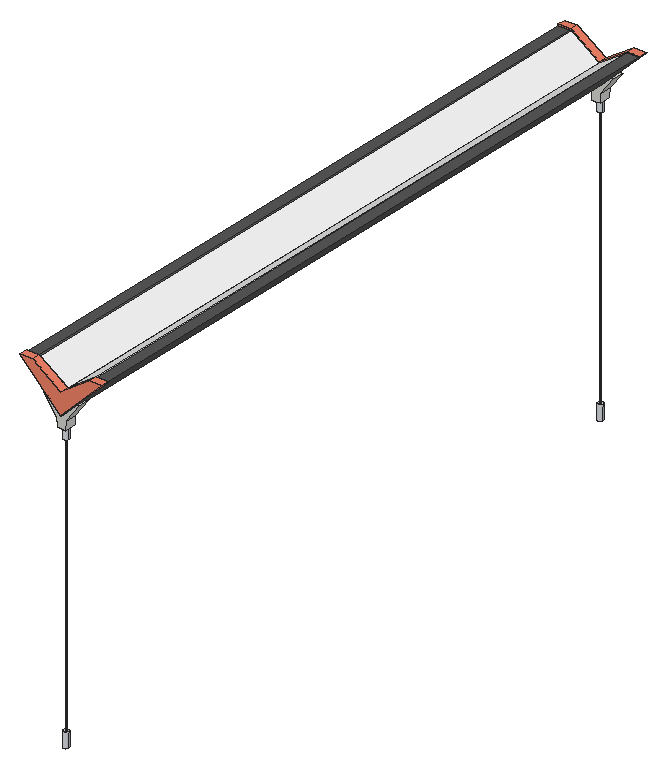
Revit family "AX.5-P-D", category Lighting Fixtures, host Face, Revit 2018
Family settings
  Host = Face
  Round Connector Dimension = Use Diameter
  Part Type = Normal
  Cut with Voids When Loaded = No
  Light Source = Yes
  Shared = Yes
  Room Calculation Point = Yes
Parameters (values of type "4' Direct")
  Wattage = 18.8235 W
  built-in parameter 1150110 = 1 (stored number, unit not read)
  Voltage = 0 V
  Type Comments = "LUX ILLUMINAIRE"
  built-in parameter 1114217 = 1 (stored number, unit not read)
  Tilt Angle = 90.00°
  built-in parameter 1150109 = 1 (stored number, unit not read)
  built-in parameter 1150134 = 12
  Switch Leg Visibility = no
  Switch Leg [instance] = ""
  Suspension Length [instance] = 2' - 0"
  built-in parameter 1150113 = 1 (stored number, unit not read)
  Photometric Web File = "AX.5_P_D_400_40K8.ies"
  Material - End Cap [instance] = LUX ILLUMINAIRE Orange
  Material - Cleat [instance] = LUX ILLUMINAIRE Silver
  Material - Body [instance] = LUX ILLUMINAIRE Black
  Manufacturer = ""
  built-in parameter 1150105 = 127.32 (stored number, unit not read)
  Lumens = 1600 lm
  built-in parameter 1150115 = 1 (stored number, unit not read)
  built-in parameter 1150137 = (empty or 0)
  built-in parameter 1150139 = (empty or 0)
  built-in parameter 1150112 = 1 (stored number, unit not read)
  built-in parameter 1150114 = 1 (stored number, unit not read)
  Lamp = "LED"
  built-in parameter 1150132 = 2
  built-in parameter 1150102 = (empty or 0)
  built-in parameter 1150107 = 4000 (stored number, unit not read)
  built-in parameter 1150138 = (empty or 0)
  built-in parameter 1150106 = 1.2732 (stored number, unit not read)
  Fixture Width = 0' - 5 143/256"  # constant formula
  Fixture Symbol Visiblity = yes
  Fixture Length = 4' - 0"
  Emit from Rectangle Width = 0' - 2 1/2"  # constant formula
  Emit from Rectangle Length = Fixture Length  # 4' - 0"
  Emit Shape Visible in Rendering = no
  Emergency Lighting [instance] = no
  built-in parameter 1150104 = 7.8968 (stored number, unit not read)
  Dimming Lamp Color Temperature Shift = <None>
  Default Elevation = 4' - 0"
  Color Filter = 16777215
  built-in parameter 1140040 [instance] = 1
  built-in parameter 1114218 = 1 (stored number, unit not read)
  built-in parameter 1150133 = 10 (stored number, unit not read)
  Apparent Load = 14 VA
Types (3): name | Wattage | Type Comments | Manufacturer | built-in parameter 1150105 | Lumens | built-in parameter 1150106 | Fixture Length | Emit from Rectangle Length | Apparent Load
  4' Direct | 18.8235 W | "LUX ILLUMINAIRE" | "" | 127.32 (stored number, unit not read) | 1600 lm | 1.2732 (stored number, unit not read) | 4' - 0" | 4' - 0" | 14 VA
  6' Direct | 28.2353 W | 0' - 0" | "LUX ILLUMINAIRE" | 190.99 (stored number, unit not read) | 2400 lm | 1.9099 (stored number, unit not read) | 6' - 0" | 6' - 0" | 21 VA
  8' Direct | 37.6471 W | 0' - 0" | "LUX ILLUMINAIRE" | 254.65 (stored number, unit not read) | 3200 lm | 2.5465 (stored number, unit not read) | 8' - 0" | 8' - 0" | 28 VA
Reference planes (in)
  plane 1 "Center (Front/Back)": y = 0
  plane 2: z = 0
  plane 3 "Center (Left/Right)": x = 0
  plane 4: x = 2.7793
  plane 5: x = -2.7793
  plane 6: y = 24
  plane 7: y = -24
  plane 8: z = 24
  plane 9: y = 24.25
  plane 10: y = -24.25
  plane 11: z = 1
  plane 12: z = 20.30782
  plane 13: z = 19.55782
Forms (in)
  Extrusion 1, solid
    sketch origin (0, 0.375, 0) x (1, 0, 0) y (0, 1, 0)
      loop
        circle (0.00029, -24) r 0.1875
    from 0 to 1
  Extrusion 2, solid
    sketch origin (0, 0.375, 0) x (1, 0, 0) y (0, 1, 0)
      loop
        circle (0.0005, -24) r 0.03125
    from 1 to 19.55782
  Extrusion 3, solid
    sketch origin (0, 0.375, 0) x (1, 0, 0) y (0, 1, 0)
      loop
        circle (0.0005, -24) r 0.18729
    from 19.55782 to 20.30782
  Extrusion 4, solid, not visible
    sketch origin (0, 0, 0) x (1, 0, 0) y (0, 1, 0)
      loop
        circle (0.00029, -24) r 0.1875
    from 0 to 1
  Extrusion 5, solid, not visible
    sketch origin (0, 0, 0) x (1, 0, 0) y (0, 1, 0)
      loop
        circle (0.0005, -24) r 0.03125
    from 1 to 13.33203
  Extrusion 6, solid, not visible
    sketch origin (0, 0, 0) x (1, 0, 0) y (0, 1, 0)
      loop
        circle (0.0005, -24) r 0.18729
    from 13.33203 to 14.08203
  Extrusion 7, solid
    sketch origin (0, -0.375, 0) x (1, 0, 0) y (0, 1, 0)
      loop
        circle (0.00029, 24) r 0.1875
    from 0 to 1
  Extrusion 8, solid
    sketch origin (0, -0.375, 0) x (1, 0, 0) y (0, 1, 0)
      loop
        circle (0.0005, 24) r 0.03125
    from 1 to 19.55782
  Extrusion 9, solid
    sketch origin (0, -0.375, 0) x (1, 0, 0) y (0, 1, 0)
      loop
        circle (0.0005, 24) r 0.18729
    from 19.55782 to 20.30782
Lines and regions (in)
  symbolic lines, visible <- "Fixture Symbol Visiblity"
    curve 1: line (-2.7793, 24, 0) -> (2.7793, 24, 0)
    curve 2: line (-2.7793, -24, 0) -> (-2.7793, 24, 0)
    curve 3: line (2.7793, -24, 0) -> (-2.7793, -24, 0)
    curve 4: line (2.7793, 24, 0) -> (2.7793, -24, 0)
Dimensions and locks (in)
  plane 5 to plane 4 = 0' - 5 143/256"
  equal spacing: plane 7, plane 1 "Center (Front/Back)", plane 6
  "Fixture Length": plane 7 to plane 6
  plane 8 to host face = 2' - 0"
  locked: plane 6 to plane 9 at 0.25
  locked: plane 10 to plane 7 at 0.25
  "Suspension Length": plane 8 to level
  "Fixture Width": plane 4 to plane 5
  equal spacing: plane 4, plane 3 "Center (Left/Right)", plane 5
  locked: nested 2 to plane 10 at 9.5
  plane 8 to imposter light = 0' - 0 1/8"
  plane 8 to plane 12 to plane 13 = 0' - 3.69218", 0' - 0 3/4" locked
  plane 6 to plane 1 "Center (Front/Back)" to plane 7 = 2' - 0", 2' - 0"
  plane 6 to plane 7 = 4' - 0"
  nested 1 to curve 1 = 4' - 0"
  aligned and locked: plane 2 to host face
  aligned and locked: level to host face
  aligned and locked: plane 12 to Extrusion 9
  aligned and locked: Extrusion 9 to plane 13
  aligned and locked: plane 13 to Extrusion 8
  aligned and locked: plane 12 to Extrusion 3
  aligned and locked: Extrusion 3 to plane 13
  aligned and locked: plane 13 to Extrusion 2
  aligned and locked: plane 7 to nested 1
  aligned and locked: plane 6 to curve 1
  aligned and locked: plane 5 to curve 2
  aligned and locked: curve 3 to plane 7
  aligned and locked: curve 4 to plane 4
  aligned and locked: nested 1 to plane 6
  aligned and locked: plane 12 to nested 3
Automatic sketch dimensions
  host sketch curve to host sketch curve = 8' - 0"  (x2)
  Extrusion 1 sketch curve to plane 7 = 0' - 0 3/8"
  plane 3 "Center (Left/Right)" to Extrusion 1 sketch curve = 0' - 0.00029"
  Extrusion 2 sketch curve to plane 7 = 0' - 0 3/8"
  plane 3 "Center (Left/Right)" to Extrusion 2 sketch curve = 0' - 0.0005"
  Extrusion 3 sketch curve to plane 7 = 0' - 0 3/8"
  plane 3 "Center (Left/Right)" to Extrusion 3 sketch curve = 0' - 0.0005"
  plane 6 to Extrusion 7 sketch curve = 0' - 0 3/8"
  plane 3 "Center (Left/Right)" to Extrusion 7 sketch curve = 0' - 0.00029"
  plane 6 to Extrusion 8 sketch curve = 0' - 0 3/8"
  plane 3 "Center (Left/Right)" to Extrusion 8 sketch curve = 0' - 0.0005"
  plane 6 to Extrusion 9 sketch curve = 0' - 0 3/8"
  plane 3 "Center (Left/Right)" to Extrusion 9 sketch curve = 0' - 0.0005"
  radius of Extrusion 1 sketch curve = 0' - 0 3/16"
  radius of Extrusion 2 sketch curve = 0' - 0 1/32"
  radius of Extrusion 3 sketch curve = 0' - 0.18729"
  radius of Extrusion 4 sketch curve = 0' - 0 3/16"
  radius of Extrusion 5 sketch curve = 0' - 0 1/32"
  radius of Extrusion 6 sketch curve = 0' - 0.18729"
  radius of Extrusion 7 sketch curve = 0' - 0 3/16"
  radius of Extrusion 8 sketch curve = 0' - 0 1/32"
  radius of Extrusion 9 sketch curve = 0' - 0.18729"
Nested families (in)
  nested 1: "Emergency Symbol Rectangle" at (-12.44426, 0, 0) x (0, 1, 0) z (0, 0, 1), visible <- "Emergency Lighting", type "Emergency Symbol Rectangle"
    with Width 1' - 2.94711", Length 4' - 0"
  nested 2: "Switch Leg Annotation" at (9.99627, -14.75, 0) x (0, 1, 0) z (0, 0, 1), visible <- "Switch Leg Visibility", Switch Leg Annotation <- "Switch Leg", type "Switch Leg Annotation"
    with Switch Leg Annotation ""
  nested 3: "4INDV" at (0, 0, 20.30782), Material - Body <- "Material - Body", Material - Cleat <- "Material - Cleat", Material - End Cap <- "Material - End Cap", type "4INDV"
    with Material - End Cap LUX ILLUMINAIRE Orange, Material - Cleat LUX ILLUMINAIRE Silver, Material - Body LUX ILLUMINAIRE Black
Connectors (in)
  electrical at (0.00029, 23.625, 0), driven by "Apparent Load", driven by "Voltage"
    settings: on Extrusion 7, index 1, voltage 0 V, apparent load 0 VA, apparent load phase1 14 VA, apparent load phase2 0 VA, apparent load phase3 0 VA, power factor 1, load classification "Other", number of poles 1, system type 31, power factor state 1, is connector primary yes, connector utility no, sub classification motor no, connector description ""
Definition of nested family "4INDV"
  Parameters (values of type "4INDV")
    Material - End Cap [instance] = none
    Material - Cleat [instance] = none
    Material - Body [instance] = none
    Fixture Length = 4' - 0"
  Reference planes (in)
    plane 1 "Center (Front/Back)": y = 0
    plane 2: z = 0
    plane 3 "Center (Left/Right)": x = 0
    plane 4: y = 24
    plane 5: y = -24
    plane 6: y = 24.0625
    plane 7: y = 23.5
    plane 8: y = 23.25
    plane 9: y = -24.0625
    plane 10: y = -23.5
    plane 11: y = -23.25
  Forms (in)
    Extrusion 1, solid, material <- "Material - Body"
      sketch origin (0, 0, 3.69218) x (1, 0, 0) y (0, 0, -1)
        loop
          line (0, 1.37795) -> (2.0429, 0) -> (2.86012, 0) -> (0, 2.86012) -> (-2.86012, 0) -> (-2.0429, 0) -> (0, 1.37795)
      from -24 to 24
    Extrusion 2, solid, material <- "Material - Cleat"
      sketch origin (0, 0, 3.69218) x (1, 0, 0) y (0, 0, -1)
        loop
          line (0, 2.86012) -> (1.04292, 1.8172) -> (1.26715, 1.8172) -> (0.33544, 3.06953) -> (0.3137, 3.69218) -> (0, 3.69218) -> (-0.3137, 3.69218) -> (-0.33544, 3.06953) -> (-1.26715, 1.8172) -> (-1.04292, 1.8172) -> (0, 2.86012)
      from -24 to -23.25
    Extrusion 3, solid, material <- "Material - Cleat"
      sketch origin (0, 0, 3.69218) x (1, 0, 0) y (0, 0, -1)
        loop
          line (0, 2.86012) -> (1.04292, 1.8172) -> (1.26715, 1.8172) -> (0.33544, 3.06953) -> (0.3137, 3.69218) -> (0, 3.69218) -> (-0.3137, 3.69218) -> (-0.33544, 3.06953) -> (-1.26715, 1.8172) -> (-1.04292, 1.8172) -> (0, 2.86012)
      from 23.25 to 24
    Extrusion 4, solid, material <- "Material - End Cap"
      sketch origin (0, 0, 3.69218) x (1, 0, 0) y (0, 0, -1)
        loop
          line (2.90699, -0.0625) -> (0, 2.84449) -> (-2.90699, -0.0625) -> (-2.02282, -0.0625) -> (0, 1.30191) -> (2.02282, -0.0625) -> (2.90699, -0.0625)
      from -24.0625 to -23.5
    Extrusion 5, solid, material <- "Material - End Cap"
      sketch origin (0, 0, 3.69218) x (1, 0, 0) y (0, 0, 1)
        loop
          line (2.90699, 0.0625) -> (2.02282, 0.0625) -> (0, -1.30191) -> (-2.02282, 0.0625) -> (-2.90699, 0.0625) -> (0, -2.84449) -> (2.90699, 0.0625)
      from -24.0625 to -23.5
    Extrusion 6, solid
      sketch origin (0, 0, 0) x (1, 0, 0) y (0, 0, 1)
        loop
          line (-1.94739, 3.64129) -> (0, 2.32777) -> (1.94739, 3.64129) -> (1.94739, 3.67238) -> (0, 2.35885) -> (-1.94739, 3.67238) -> (-1.94739, 3.64129)
      from -23.5 to 23.5
  Dimensions and locks (in)
    equal spacing: plane 4, plane 1 "Center (Front/Back)", plane 5
    "Fixture Length": plane 4 to plane 5
    plane 6 to plane 4 to plane 7 = 0' - 0 1/16" locked, 0' - 0 1/2" locked
    locked: plane 4 to plane 8 at 0.75
    plane 10 to plane 5 to plane 9 = 0' - 0 1/2" locked, 0' - 0 1/16" locked
    locked: plane 11 to plane 5 at 0.75
    aligned and locked: level to plane 2
    aligned and locked: Extrusion 1 to plane 5
    aligned and locked: plane 4 to Extrusion 1
    aligned and locked: plane 6 to Extrusion 5
    aligned and locked: plane 7 to Extrusion 5
    aligned and locked: plane 4 to Extrusion 3
    aligned and locked: plane 8 to Extrusion 3
    aligned and locked: plane 9 to Extrusion 4
    aligned and locked: plane 10 to Extrusion 4
    aligned and locked: plane 11 to Extrusion 2
    aligned and locked: Extrusion 2 to plane 5
    aligned and locked: plane 7 to Extrusion 6
    aligned and locked: Extrusion 6 to plane 10
  Automatic sketch dimensions
    Extrusion 1 sketch curve to plane 3 "Center (Left/Right)" = 0' - 0"  (x2)
    Extrusion 1 sketch curve to plane 3 "Center (Left/Right)" = 0' - 2.0429"
    Extrusion 1 sketch curve to Extrusion 1 sketch curve = 0' - 0.81722"  (x2)
    plane 3 "Center (Left/Right)" to Extrusion 1 sketch curve = 0' - 2.0429"
    level to Extrusion 1 sketch curve = 0' - 3.69218"  (x2)
    Extrusion 1 sketch curve to Extrusion 1 sketch curve = 0' - 1.48217"
    Extrusion 2 sketch curve to level = 0' - 0"
    Extrusion 2 sketch curve to plane 3 "Center (Left/Right)" = 0' - 0"  (x2)
    Extrusion 2 sketch curve to plane 3 "Center (Left/Right)" = 0' - 0.3137"
    Extrusion 2 sketch curve to plane 3 "Center (Left/Right)" = 0' - 0.33544"
    Extrusion 2 sketch curve to plane 3 "Center (Left/Right)" = 0' - 1.04292"
    Extrusion 2 sketch curve to Extrusion 2 sketch curve = 0' - 0.22424"  (x2)
    Extrusion 2 sketch curve to Extrusion 2 sketch curve = 0' - 0.3137"
    plane 3 "Center (Left/Right)" to Extrusion 2 sketch curve = 0' - 0.33544"
    plane 3 "Center (Left/Right)" to Extrusion 2 sketch curve = 0' - 1.04292"
    level to Extrusion 2 sketch curve = 0' - 0.62265"  (x2)
    Extrusion 2 sketch curve to Extrusion 2 sketch curve = 0' - 0.20941"
    Extrusion 2 sketch curve to Extrusion 2 sketch curve = 0' - 1.25232"
    Extrusion 3 sketch curve to level = 0' - 0"
    Extrusion 3 sketch curve to plane 3 "Center (Left/Right)" = 0' - 0"  (x2)
    Extrusion 3 sketch curve to plane 3 "Center (Left/Right)" = 0' - 0.3137"
    Extrusion 3 sketch curve to plane 3 "Center (Left/Right)" = 0' - 0.33544"
    Extrusion 3 sketch curve to plane 3 "Center (Left/Right)" = 0' - 1.04292"
    Extrusion 3 sketch curve to Extrusion 3 sketch curve = 0' - 0.22424"  (x2)
    Extrusion 3 sketch curve to Extrusion 3 sketch curve = 0' - 0.3137"
    plane 3 "Center (Left/Right)" to Extrusion 3 sketch curve = 0' - 0.33544"
    plane 3 "Center (Left/Right)" to Extrusion 3 sketch curve = 0' - 1.04292"
    level to Extrusion 3 sketch curve = 0' - 0.62265"  (x2)
    Extrusion 3 sketch curve to Extrusion 3 sketch curve = 0' - 0.20941"
    Extrusion 3 sketch curve to Extrusion 3 sketch curve = 0' - 1.25232"
    Extrusion 4 sketch curve to plane 3 "Center (Left/Right)" = 0' - 0"  (x2)
    Extrusion 4 sketch curve to plane 3 "Center (Left/Right)" = 0' - 2.02282"
    Extrusion 4 sketch curve to Extrusion 4 sketch curve = 0' - 0.88417"  (x2)
    plane 3 "Center (Left/Right)" to Extrusion 4 sketch curve = 0' - 2.02282"
    level to Extrusion 4 sketch curve = 0' - 3.75468"  (x2)
    Extrusion 4 sketch curve to Extrusion 4 sketch curve = 0' - 1.54258"
    Extrusion 5 sketch curve to plane 3 "Center (Left/Right)" = 0' - 0"  (x2)
    Extrusion 5 sketch curve to plane 3 "Center (Left/Right)" = 0' - 2.02282"
    Extrusion 5 sketch curve to Extrusion 5 sketch curve = 0' - 0.88417"  (x2)
    plane 3 "Center (Left/Right)" to Extrusion 5 sketch curve = 0' - 2.02282"
    level to Extrusion 5 sketch curve = 0' - 0.84768"
    Extrusion 5 sketch curve to Extrusion 5 sketch curve = 0' - 1.54258"
    Extrusion 5 sketch curve to Extrusion 5 sketch curve = 0' - 1.36441"
    Extrusion 6 sketch curve to plane 3 "Center (Left/Right)" = 0' - 0"
    Extrusion 6 sketch curve to plane 3 "Center (Left/Right)" = 0' - 1.94739"
    plane 3 "Center (Left/Right)" to Extrusion 6 sketch curve = 0' - 1.94739"
    level to Extrusion 6 sketch curve = 0' - 2.32777"
    Extrusion 6 sketch curve to Extrusion 6 sketch curve = 0' - 1.31353"  (x2)
    Extrusion 6 sketch curve to Extrusion 6 sketch curve = 0' - 0.03109"  (x3)
    plane 3 "Center (Left/Right)" to Extrusion 6 sketch curve = 0' - 0"
Definition of nested family "Emergency Symbol Rectangle"
  Parameters (values of type "Emergency Symbol Rectangle")
    Width [instance] = 0' - 8 1/2"
    Length [instance] = 5' - 0"
    Emergency Visibility = no
  Reference planes (in)
    plane 1 "Center (Front/Back)": y = -7.75
    plane 2: z = 0
    plane 3 "Center (Left/Right)": x = -24
    plane 4: x = 24
    plane 5: x = -36
    plane 6: y = -3.5
    plane 7: y = -12
  Lines and regions (in)
    Filled region 1, type "Solid Fill - Black", in view "Ref. Level", detail levels coarse+medium
      outline origin (0, 0.25, 0) x (1, 0, 0) y (0, 1, 0)
        loop
          line (-36, -12.25) -> (24, -12.25) -> (-36, -10.125) -> (-36, -12.25)
  Dimensions and locks (in)
    equal spacing: plane 7, plane 1 "Center (Front/Back)", plane 6
    "Width": plane 7 to plane 6
    "Length": plane 5 to plane 4
    aligned and locked: plane 5 to Filled region 1
  Automatic sketch dimensions
    plane 1 "Center (Front/Back)" to Filled region 1 sketch curve = 0' - 2 1/8"
    Filled region 1 sketch curve to plane 3 "Center (Left/Right)" = 1' - 0"
    Filled region 1 sketch curve to plane 4 = 0' - 0"
    Filled region 1 sketch curve to plane 7 = 0' - 0"
Definition of nested family "Switch Leg Annotation"
  Parameters (values of type "Switch Leg Annotation")
    Switch Leg Annotation [instance] = ""
  Reference planes (in)
    plane 1: y = 0
    plane 2: x = 0
  Text (in)
    label "a" at (0.00527, 0.01239, 0), shows "Switch Leg Annotation"
